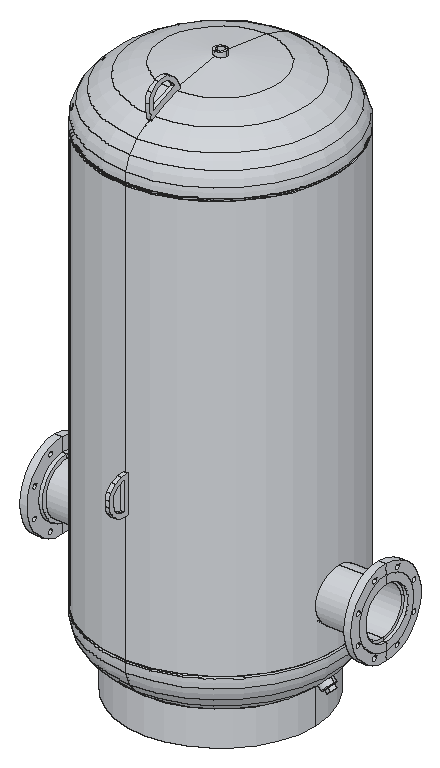
Revit family "CBT-200-6", category Generic Models, Revit 2014
Parameters (values of type "CBT-200-6")
  URL = "http://westank.com/"
  Tank Volume = 200.00 gal
  Part Number = 55300200
  Model = "CBT-200-6"
  Maximum Shipping Weight = 555 lbf
  Flange Connector Diameter = 6"
  Description = "Wessels ASME Chilled Water Buffer Tanks (CBT) are designed for chilled water systems with insufficient water volume capacity in relation to the chiller capacity"
  D = 16"
  C = 24"
  B = 72"
  A = 30"
Reference planes (in)
  plane 1 "Center (Front/Back)": y = 0
  plane 2: z = 0
  plane 3 "Center (Left/Right)": x = 0
  plane 4: through (12.55282, -180, 5.24135) normal (0.8192, 0, -0.5736)
  plane 5: x = -15
  plane 6: x = 15
  plane 7: z = 0
  plane 8: z = 72
  plane 9: y = 15
  plane 10: y = -15
  plane 11: x = -12
  plane 12: x = 12
  plane 13: z = 16
Forms (in)
  Revolve 1, solid
    sketch origin (0, -0.02461, 0) x (0, 1, 0) y (0, 0, 1)
      loop
        line (-14.97539, 9.87397) -> (-14.812, 9.87397)
        arc (-14.812, 9.87397) -> (-14.83596, 9.78454) -> (-14.90143, 9.71907) r 0.17887
        arc (-14.90143, 9.71907) -> (-14.94991, 9.64836) -> (-14.97579, 9.56662) r 0.29232
        arc (-14.97579, 9.56662) -> (-14.96586, 8.98455) -> (-14.89468, 8.40676) r 5.51955
        arc (-14.89468, 8.40676) -> (-14.65184, 7.56116) -> (-14.23912, 6.78419) r 4.22443
        arc (-14.23912, 6.78419) -> (-13.71208, 6.0842) -> (-13.11424, 5.44361) r 8.30764
        arc (-13.11424, 5.44361) -> (-11.99363, 4.5369) -> (-10.73315, 3.83755) r 8.30764
        arc (-10.73315, 3.83755) -> (-9.02248, 3.06195) -> (-7.23223, 2.49367) r 15.88746
        arc (-7.23223, 2.49367) -> (-3.63165, 1.79117) -> (0.02461, 1.49214) r 33.04234
        line (0.02461, 1.49214) -> (0.02461, 1.66407)
        arc (0.02461, 1.66407) -> (-3.61037, 1.96174) -> (-7.19, 2.66027) r 32.87047
        arc (-7.19, 2.66027) -> (-8.96351, 3.22342) -> (-10.65802, 3.99223) r 15.71558
        arc (-10.65802, 3.99223) -> (-11.8952, 4.67783) -> (-12.99495, 5.56734) r 8.13577
        arc (-12.99495, 5.56734) -> (-13.58042, 6.19468) -> (-14.09655, 6.88019) r 8.13577
        arc (-14.09655, 6.88019) -> (-14.49248, 7.62554) -> (-14.72544, 8.43674) r 4.05256
        arc (-14.72544, 8.43674) -> (-14.79395, 8.9901) -> (-14.80447, 9.54759) r 5.34767
        arc (-14.80447, 9.54759) -> (-14.7971, 9.56945) -> (-14.78569, 9.5895) r 0.12044
        arc (-14.78569, 9.5895) -> (-14.67439, 9.72277) -> (-14.64064, 9.89308) r 0.35074
        line (-14.64064, 9.89308) -> (-14.84715, 9.89308) -> (-14.84715, 63.61189) -> (-14.64151, 63.61189)
        arc (-14.64151, 63.61189) -> (-14.67184, 63.78882) -> (-14.78573, 63.92758) r 0.35074
        arc (-14.78573, 63.92758) -> (-14.79712, 63.94763) -> (-14.80449, 63.96948) r 0.12045
        arc (-14.80449, 63.96948) -> (-14.79397, 64.52697) -> (-14.72546, 65.08033) r 5.34768
        arc (-14.72546, 65.08033) -> (-14.4925, 65.89153) -> (-14.09657, 66.63689) r 4.05257
        arc (-14.09657, 66.63689) -> (-13.58043, 67.3224) -> (-12.99497, 67.94973) r 8.13578
        arc (-12.99497, 67.94973) -> (-11.89524, 68.83924) -> (-10.65807, 69.52483) r 8.13578
        arc (-10.65807, 69.52483) -> (-8.96355, 70.29364) -> (-7.19005, 70.85678) r 15.71558
        arc (-7.19005, 70.85678) -> (-3.61055, 71.55529) -> (0.02429, 71.85297) r 32.87045
        line (0.02429, 71.85297) -> (0.02429, 72.02671)
        arc (0.02429, 72.02671) -> (-3.63245, 71.72766) -> (-7.2335, 71.02507) r 33.04334
        arc (-7.2335, 71.02507) -> (-9.02402, 70.45667) -> (-10.73493, 69.68092) r 15.88853
        arc (-10.73493, 69.68092) -> (-11.99625, 68.98117) -> (-13.11754, 68.07383) r 8.30893
        arc (-13.11754, 68.07383) -> (-13.7162, 67.43239) -> (-14.24389, 66.7314) r 8.30923
        arc (-14.24389, 66.7314) -> (-14.65697, 65.95395) -> (-14.90005, 65.1078) r 4.22701
        arc (-14.90005, 65.1078) -> (-14.97148, 64.52727) -> (-14.98111, 63.94244) r 5.52257
        arc (-14.98111, 63.94244) -> (-14.95423, 63.85606) -> (-14.90267, 63.78173) r 0.29803
        arc (-14.90267, 63.78173) -> (-14.837, 63.7147) -> (-14.81302, 63.62397) r 0.18362
        line (-14.81302, 63.62397) -> (-14.97539, 63.62397) -> (-14.97539, 9.87397)
      axis (0.02461, 1.49214) -> (0.02461, 72.02671)
    angle from 0 to 360
  Revolve 2, solid
    sketch origin (0, 0, 0.49995) x (-1, 0, 0) y (0, 0, 1)
      loop
        line (19.43862, 12.18836) -> (19.43862, 11.72059) -> (20.00112, 11.72059) -> (20.00112, 9.99968) -> (20.93847, 9.99968) -> (20.93847, 11.24968) -> (21.00097, 11.24968) -> (21.00097, 12.18836) -> (19.43862, 12.18836)
      axis (21.00097, 15.50005) -> (19.43862, 15.50005)
    angle from 0 to 360
  Revolve 3, solid
    sketch origin (-1.82085, 0, 2.88409) x (0.981353, 0, -0.192215) y (0.192215, 0, 0.981353)
      loop
        line (14.71753, 6.11956) -> (14.66586, 6.1556) -> (14.25436, 5.56561) -> (14.86992, 5.13627) -> (15.24588, 5.6753) -> (15.19462, 5.71106) -> (15.31904, 5.88945) -> (14.80641, 6.24699) -> (14.71753, 6.11956)
      axis (14.25436, 5.56561) -> (14.86992, 5.13627)
    angle from 0 to 360
  Extrusion 4, solid
    sketch origin (13.38203, -180, 6.13049) x (0.718765, 0, 0.695254) y (0, -1, 0)
      loop
        line (-0.16036, -179.52645) -> (-0.95521, -179.68698) -> (-0.79485, -180.48095) -> (0, -180.32042) -> (-0.16036, -179.52645)
    from 1.02698 to 1.52678
  Extrusion 5, solid
    sketch origin (0, -2.93535, 4.97257) x (0, 1, 0) y (0, 0, 1)
      loop
        line (-11.93439, 21.33067) -> (-11.93439, 26.202)
        arc (-11.93439, 26.202) -> (-12.47846, 26.15164) -> (-13.01533, 26.05008) r 5.77422
        arc (-13.01533, 26.05008) -> (-13.49297, 25.89754) -> (-13.94252, 25.67548) r 3.35288
        arc (-13.94252, 25.67548) -> (-14.34081, 25.36666) -> (-14.64962, 24.96837) r 2.0073
        arc (-14.64962, 24.96837) -> (-14.80343, 24.58932) -> (-14.88788, 24.18906) r 2.30742
        arc (-14.88788, 24.18906) -> (-14.91277, 23.77188) -> (-14.88788, 23.3547) r 3.50846
        arc (-14.88788, 23.3547) -> (-14.79412, 22.92876) -> (-14.61961, 22.52904) r 2.24053
        arc (-14.61961, 22.52904) -> (-14.27401, 22.08806) -> (-13.80999, 21.77406) r 1.8078
        arc (-13.80999, 21.77406) -> (-13.34321, 21.55591) -> (-12.84107, 21.44044) r 2.44481
        arc (-12.84107, 21.44044) -> (-12.39043, 21.36326) -> (-11.93439, 21.33067) r 4.65484
      loop
        arc (-12.44611, 25.63929) -> (-12.67227, 25.60073) -> (-12.89654, 25.55235) r 5.2625
        arc (-12.89654, 25.55235) -> (-13.30128, 25.42308) -> (-13.68221, 25.23491) r 2.84116
        arc (-13.68221, 25.23491) -> (-13.97364, 25.01013) -> (-14.20134, 24.72098) r 1.49558
        arc (-14.20134, 24.72098) -> (-14.3163, 24.43235) -> (-14.37979, 24.12821) r 1.7957
        arc (-14.37979, 24.12821) -> (-14.40106, 23.77188) -> (-14.37979, 23.41555) r 2.99674
        arc (-14.37979, 23.41555) -> (-14.30745, 23.08689) -> (-14.17279, 22.77846) r 1.72881
        arc (-14.17279, 22.77846) -> (-13.91552, 22.45353) -> (-13.56884, 22.22643) r 1.29608
        arc (-13.56884, 22.22643) -> (-13.1779, 22.0402) -> (-12.75531, 21.94566) r 1.9331
        arc (-12.75531, 21.94566) -> (-12.60126, 21.91347) -> (-12.44611, 21.88716) r 4.14312
        line (-12.44611, 21.88716) -> (-12.44611, 25.63929)
    from -0.24366 to 0.25634
  Extrusion 6, solid
    sketch origin (0, -26.96034, 51.14612) x (0, 0.366501, -0.930418) y (0, 0.930418, 0.366501)
      loop
        arc (-11.9298, 25.67102) -> (-12.15596, 25.63246) -> (-12.38023, 25.58408) r 5.2625
        arc (-12.38023, 25.58408) -> (-12.78497, 25.45482) -> (-13.16591, 25.26664) r 2.84116
        arc (-13.16591, 25.26664) -> (-13.45733, 25.04186) -> (-13.68503, 24.75271) r 1.49558
        arc (-13.68503, 24.75271) -> (-13.8, 24.46408) -> (-13.86349, 24.15994) r 1.7957
        arc (-13.86349, 24.15994) -> (-13.88475, 23.80361) -> (-13.86349, 23.44728) r 2.99674
        arc (-13.86349, 23.44728) -> (-13.79114, 23.11862) -> (-13.65649, 22.81019) r 1.72881
        arc (-13.65649, 22.81019) -> (-13.39922, 22.48527) -> (-13.05253, 22.25816) r 1.29608
        arc (-13.05253, 22.25816) -> (-12.66159, 22.07193) -> (-12.239, 21.97739) r 1.9331
        arc (-12.239, 21.97739) -> (-12.08496, 21.94521) -> (-11.9298, 21.91889) r 4.14312
        line (-11.9298, 21.91889) -> (-11.9298, 25.67102)
      loop
        line (-10.9298, 21.34797) -> (-10.9298, 26.14148)
        arc (-10.9298, 26.14148) -> (-11.99706, 26.18465) -> (-13.02719, 25.90227) r 3.48194
        arc (-13.02719, 25.90227) -> (-13.54727, 25.6041) -> (-13.99851, 25.20943) r 3.03185
        arc (-13.99851, 25.20943) -> (-14.28248, 24.55653) -> (-14.39992, 23.8543) r 2.91879
        arc (-14.39992, 23.8543) -> (-14.3348, 23.1787) -> (-14.08611, 22.54717) r 2.44012
        arc (-14.08611, 22.54717) -> (-13.716, 22.08641) -> (-13.21844, 21.76749) r 1.83162
        arc (-13.21844, 21.76749) -> (-12.09799, 21.42749) -> (-10.9298, 21.34797) r 5.1769
    from -0.24366 to 0.25634
  Extrusion 7, solid
    sketch origin (0, 0, 0) x (1, 0, 0) y (0, 1, 0)
      loop
        circle (0, 0) r 0.75
      loop
        circle (0, 0) r 0.5
    from 71.36613 to 72.49354
  Extrusion 8, void
    sketch origin (0, 0.13917, 0.91745) x (0, 1, 0) y (0, 0, -1)
      loop
        circle (1.66412, -19.48391) r 0.37532
      loop
        circle (4.27859, -13.26482) r 0.37532
      loop
        circle (4.25653, -16.91439) r 0.37532
      loop
        circle (1.65464, -10.68294) r 0.37532
      loop
        circle (-1.97098, -19.46052) r 0.37532
      loop
        circle (-4.55693, -13.26482) r 0.37532
      loop
        circle (-4.5189, -16.89728) r 0.37532
      loop
        circle (-2.0117, -10.69606) r 0.37532
    from 19.2057 to 22.25
  Extrusion 9, void
    sketch origin (0, 0, 0) x (1, 0, 0) y (0, 1, 0)
      loop
        circle (0, 0) r 0.5
    from 70.90268 to 73.75579
  Revolve 10, solid
    sketch origin (0, 0, 0) x (1, 0, 0) y (0, 0, 1)
      loop
        line (11.87609, 4.44941) -> (11.87609, 0) -> (12, 0) -> (12, 4.44941) -> (11.87609, 4.44941)
      axis (0, 4.44941) -> (0, 0)
    angle from 0 to 360
  Revolve 11, solid
    sketch origin (0, 0, 0.49995) x (1, 0, 0) y (0, 0, 1)
      loop
        line (-14.0014, 12.18717) -> (-14.0014, 12.46647) -> (-20.50112, 12.46647) -> (-20.50112, 12.18717) -> (-14.0014, 12.18717)
      axis (-20.50112, 15.50005) -> (-14.0014, 15.50005)
    angle from 0 to 360
  Extrusion 12, void
    sketch origin (0, 0, 0.25) x (0, 1, 0) y (0, 0, 1)
      loop
        circle (0, 15.75) r 3.3117
    from -18.86806 to 18.76515
  Revolve 13, solid
    sketch origin (0, 0, 0.49995) x (1, 0, 0) y (0, 0, 1)
      loop
        line (19.43862, 12.18836) -> (19.43862, 11.72059) -> (20.00112, 11.72059) -> (20.00112, 9.99968) -> (20.93847, 9.99968) -> (20.93847, 11.24968) -> (21.00097, 11.24968) -> (21.00097, 12.18836) -> (19.43862, 12.18836)
      axis (21.00097, 15.50005) -> (19.43862, 15.50005)
    angle from 0 to 360
  Extrusion 14, void
    sketch origin (0, 0.13917, 0.91745) x (0, 1, 0) y (0, 0, 1)
      loop
        circle (1.66412, 19.48391) r 0.37532
      loop
        circle (4.27859, 13.26482) r 0.37532
      loop
        circle (4.25653, 16.91439) r 0.37532
      loop
        circle (1.65464, 10.68294) r 0.37532
      loop
        circle (-1.97098, 19.46052) r 0.37532
      loop
        circle (-4.55693, 13.26482) r 0.37532
      loop
        circle (-4.5189, 16.89728) r 0.37532
      loop
        circle (-2.0117, 10.69606) r 0.37532
    from 19.2057 to 22.25
  Revolve 15, solid
    sketch origin (0, 0, 0.49995) x (-1, 0, 0) y (0, 0, 1)
      loop
        line (-14.0014, 12.18717) -> (-14.0014, 12.46647) -> (-20.50112, 12.46647) -> (-20.50112, 12.18717) -> (-14.0014, 12.18717)
      axis (-20.50112, 15.50005) -> (-14.0014, 15.50005)
    angle from 0 to 360
Cuts and joins
  joined: Extrusion 4, Extrusion 5, Extrusion 6, Extrusion 7, Revolve 10
  Extrusion 9, Extrusion 12 cuts Revolve 1
  Extrusion 8, Extrusion 14 cuts Revolve 2
  Extrusion 14 cuts Revolve 13
Dimensions and locks (in)
  equal spacing: plane 6, plane 3 "Center (Left/Right)", plane 5
  "A": plane 6 to plane 5
  "B": plane 8 to level
  equal spacing: plane 9, plane 1 "Center (Front/Back)", plane 10
  "A": plane 9 to plane 10
  equal spacing: plane 12, plane 3 "Center (Left/Right)", plane 11
  "C": plane 12 to plane 11
  "D": plane 13 to level
  aligned and locked: plane 2 to level
  aligned and locked: Revolve 10 sketch curve to plane 3 "Center (Left/Right)"
Automatic sketch dimensions
  Revolve 1 sketch curve to Revolve 1 sketch curve = 0"  (x33)
  Revolve 1 sketch curve to plane 10 = 0"
  Revolve 1 sketch curve to plane 1 "Center (Front/Back)" = 0"  (x2)
  Revolve 1 sketch curve to Revolve 1 sketch curve = 0.01547"
  plane 10 to Revolve 1 sketch curve = 0.01547"
  Revolve 1 sketch curve to Revolve 1 sketch curve = 0.00578"
  Revolve 1 sketch curve to plane 10 = 0.12824"
  Revolve 1 sketch curve to Revolve 1 sketch curve = 0.03413"
  Revolve 1 sketch curve to Revolve 1 sketch curve = 9/256"
  Revolve 1 sketch curve to plane 10 = 0.28821"
  Revolve 1 sketch curve to plane 10 = 0.28822"
  Revolve 1 sketch curve to Revolve 1 sketch curve = 0.00078"
  Revolve 1 sketch curve to Revolve 1 sketch curve = 0.17151"
  Revolve 1 sketch curve to Revolve 1 sketch curve = 0.17135"
  Revolve 1 sketch curve to Revolve 1 sketch curve = 3.94929"
  Revolve 1 sketch curve to Revolve 1 sketch curve = 0.00287"
  Revolve 1 sketch curve to Revolve 1 sketch curve = 3.95216"
  Revolve 1 sketch curve to Revolve 1 sketch curve = 1.2728"
  Revolve 1 sketch curve to Revolve 1 sketch curve = 0.00246"
  Revolve 1 sketch curve to Revolve 1 sketch curve = 1.27526"
  Revolve 1 sketch curve to Revolve 1 sketch curve = 2.11145"
  Revolve 1 sketch curve to Revolve 1 sketch curve = 0.00084"
  Revolve 1 sketch curve to Revolve 1 sketch curve = 0.00187"
  Revolve 1 sketch curve to Revolve 1 sketch curve = 2.11171"
  plane 1 "Center (Front/Back)" to Revolve 1 sketch curve = 3.35442"
  Revolve 1 sketch curve to Revolve 1 sketch curve = 0.00082"
  plane 13 to Revolve 1 sketch curve = 1.89417"
  plane 1 "Center (Front/Back)" to Revolve 1 sketch curve = 3.35353"
  plane 1 "Center (Front/Back)" to Revolve 1 sketch curve = 0.00031"
  Revolve 1 sketch curve to plane 1 "Center (Front/Back)" = 0.86039"
  Revolve 1 sketch curve to Revolve 1 sketch curve = 0.00067"
  Revolve 1 sketch curve to plane 1 "Center (Front/Back)" = 0.86116"
  Revolve 1 sketch curve to plane 13 = 4.57575"
  Revolve 1 sketch curve to plane 13 = 6.10692"
  Revolve 1 sketch curve to Revolve 1 sketch curve = 0.01911"  (x2)
  Revolve 1 sketch curve to Revolve 1 sketch curve = 0.35376"
  Revolve 1 sketch curve to Revolve 1 sketch curve = 2 7/128"
  Revolve 1 sketch curve to Revolve 1 sketch curve = 0.22592"
  level to Revolve 1 sketch curve = 1 85/128"
  Revolve 1 sketch curve to Revolve 1 sketch curve = 0.17193"
  Revolve 1 sketch curve to Revolve 1 sketch curve = 16.62909"
  Revolve 1 sketch curve to Revolve 1 sketch curve = 4.47055"
  Revolve 1 sketch curve to Revolve 1 sketch curve = 0.00077"
  Revolve 1 sketch curve to plane 8 = 16.37712"
  Revolve 1 sketch curve to Revolve 1 sketch curve = 0.00068"
  Revolve 1 sketch curve to Revolve 1 sketch curve = 6.46799"
  Revolve 1 sketch curve to Revolve 1 sketch curve = 0.00123"
  Revolve 1 sketch curve to Revolve 1 sketch curve = 0.00005"
  Revolve 1 sketch curve to Revolve 1 sketch curve = 1.52034"
  Revolve 1 sketch curve to Revolve 1 sketch curve = 0.01209"
  Revolve 1 sketch curve to Revolve 1 sketch curve = 0.3749"
  Revolve 1 sketch curve to Revolve 1 sketch curve = 0.01007"
  Revolve 1 sketch curve to Revolve 1 sketch curve = 2.05124"
  Revolve 1 sketch curve to Revolve 1 sketch curve = 0.00348"
  Revolve 1 sketch curve to Revolve 1 sketch curve = 0.2261"
  Revolve 1 sketch curve to Revolve 1 sketch curve = 0.0033"
  Revolve 1 sketch curve to plane 8 = 0.14703"
  plane 8 to Revolve 1 sketch curve = 0.02671"
  plane 10 to Revolve 1 sketch curve = 0.0004"
  plane 10 to Revolve 1 sketch curve = 0.00572"
  Revolve 1 sketch curve to plane 10 = 0.07272"
  Revolve 1 sketch curve to plane 10 = 0.07396"
  Revolve 1 sketch curve to Revolve 1 sketch curve = 0.11808"
  Revolve 1 sketch curve to Revolve 1 sketch curve = 0.11729"
  Revolve 1 sketch curve to Revolve 1 sketch curve = 0.01876"
  Revolve 1 sketch curve to Revolve 1 sketch curve = 0.01878"
  Revolve 1 sketch curve to Revolve 1 sketch curve = 0.14732"
  Revolve 1 sketch curve to Revolve 1 sketch curve = 0.97903"
  Revolve 1 sketch curve to Revolve 1 sketch curve = 0.98231"
  Revolve 1 sketch curve to Revolve 1 sketch curve = 0.12257"
  Revolve 1 sketch curve to Revolve 1 sketch curve = 0.1193"
  Revolve 1 sketch curve to plane 8 = 2.31908"
  Revolve 1 sketch curve to Revolve 1 sketch curve = 2.26179"
  Revolve 1 sketch curve to Revolve 1 sketch curve = 0.07686"
  Revolve 1 sketch curve to Revolve 1 sketch curve = 0.07513"
  Revolve 1 sketch curve to Revolve 1 sketch curve = 5.63017"
  Revolve 1 sketch curve to Revolve 1 sketch curve = 1.88017"
  Revolve 2 sketch curve to plane 13 = 0"
  plane 5 to Revolve 2 sketch curve = 4.43862"
  Revolve 2 sketch curve to Revolve 2 sketch curve = 9/16"
  Revolve 2 sketch curve to Revolve 2 sketch curve = 0.93735"
  Revolve 2 sketch curve to Revolve 2 sketch curve = 1/16"
  plane 13 to Revolve 2 sketch curve = 3.3117"
  Revolve 2 sketch curve to Revolve 2 sketch curve = 0.46777"
  Revolve 2 sketch curve to Revolve 2 sketch curve = 0.93868"
  Revolve 2 sketch curve to Revolve 2 sketch curve = 1 1/4"
  Revolve 2 sketch curve to plane 5 = 0.9986"
  Revolve 2 sketch curve to Revolve 2 sketch curve = 0.68278"
  plane 4 to Revolve 3 sketch curve = 0.35169"
  plane 12 to Revolve 3 sketch curve = 1.2375"
  Revolve 3 sketch curve to Revolve 3 sketch curve = 0.4115"
  Revolve 3 sketch curve to Revolve 3 sketch curve = 0.05167"
  Revolve 3 sketch curve to Revolve 3 sketch curve = 0.08888"
  Revolve 3 sketch curve to Revolve 3 sketch curve = 0.61556"
  Revolve 3 sketch curve to Revolve 3 sketch curve = 0.47709"
  Revolve 3 sketch curve to Revolve 3 sketch curve = 0.05126"
  Revolve 3 sketch curve to Revolve 3 sketch curve = 0.42934"
  Revolve 3 sketch curve to Revolve 3 sketch curve = 0.12768"
  Revolve 3 sketch curve to Revolve 3 sketch curve = 0"  (x2)
  Revolve 3 sketch curve to Revolve 3 sketch curve = 0.08905"
  plane 1 "Center (Front/Back)" to Extrusion 4 sketch curve = 0.31302"
  Extrusion 4 sketch curve to plane 1 "Center (Front/Back)" = 0.48095"
  Extrusion 4 sketch curve to Extrusion 4 sketch curve = 0.16036"  (x2)
  plane 1 "Center (Front/Back)" to Extrusion 4 sketch curve = 0.47355"
  Extrusion 4 sketch curve to Extrusion 4 sketch curve = 0.79485"
  Extrusion 4 sketch curve to plane 1 "Center (Front/Back)" = 0.32042"
  Extrusion 5 sketch curve to Extrusion 5 sketch curve = 0"  (x24)
  plane 10 to Extrusion 5 sketch curve = 0.97644"
  Extrusion 5 sketch curve to Extrusion 5 sketch curve = 0.11966"
  Extrusion 5 sketch curve to Extrusion 5 sketch curve = 0.25819"
  Extrusion 5 sketch curve to Extrusion 5 sketch curve = 17/256"
  Extrusion 5 sketch curve to Extrusion 5 sketch curve = 0.04958"
  plane 10 to Extrusion 5 sketch curve = 0.38146"
  plane 10 to Extrusion 5 sketch curve = 0.17231"
  Extrusion 5 sketch curve to plane 10 = 0.13026"
  Extrusion 5 sketch curve to plane 10 = 0.23364"
  Extrusion 5 sketch curve to plane 10 = 0.38981"
  Extrusion 5 sketch curve to plane 10 = 0.66033"
  plane 13 to Extrusion 5 sketch curve = 9.40619"
  Extrusion 5 sketch curve to Extrusion 5 sketch curve = 0.89706"
  Extrusion 5 sketch curve to Extrusion 5 sketch curve = 0.55648"
  Extrusion 5 sketch curve to Extrusion 5 sketch curve = 0.90165"
  Extrusion 5 sketch curve to Extrusion 5 sketch curve = 0.62139"
  Extrusion 5 sketch curve to Extrusion 5 sketch curve = 27/128"
  Extrusion 5 sketch curve to Extrusion 5 sketch curve = 0.15076"
  Extrusion 5 sketch curve to Extrusion 5 sketch curve = 0.24641"
  Extrusion 5 sketch curve to Extrusion 5 sketch curve = 0.04716"
  Extrusion 5 sketch curve to Extrusion 5 sketch curve = 0.0326"
  Extrusion 5 sketch curve to Extrusion 5 sketch curve = 1.7246"
  Extrusion 5 sketch curve to Extrusion 5 sketch curve = 0.34507"
  Extrusion 5 sketch curve to Extrusion 5 sketch curve = 0.21764"
  Extrusion 5 sketch curve to Extrusion 5 sketch curve = 1.12273"
  Extrusion 5 sketch curve to Extrusion 5 sketch curve = 0.78568"
  Extrusion 5 sketch curve to Extrusion 5 sketch curve = 0.24115"
  Extrusion 5 sketch curve to Extrusion 5 sketch curve = 0.2603"
  Extrusion 5 sketch curve to Extrusion 5 sketch curve = 0.60395"
  Extrusion 5 sketch curve to Extrusion 5 sketch curve = 0.51913"
  Extrusion 5 sketch curve to Extrusion 5 sketch curve = 0.44682"
  Extrusion 5 sketch curve to Extrusion 5 sketch curve = 0.44829"
  Extrusion 7 sketch curve to Extrusion 7 sketch curve = 0"  (x2)
  plane 1 "Center (Front/Back)" to Extrusion 7 sketch curve = 0"
  Extrusion 7 sketch curve to plane 3 "Center (Left/Right)" = 0"
  Extrusion 8 sketch curve to plane 13 = 1.81773"  (x2)
  plane 1 "Center (Front/Back)" to Extrusion 8 sketch curve = 4.41776"
  plane 13 to Extrusion 8 sketch curve = 1.81473"
  Extrusion 8 sketch curve to Extrusion 8 sketch curve = 0.03802"
  plane 1 "Center (Front/Back)" to Extrusion 8 sketch curve = 1.87253"
  plane 1 "Center (Front/Back)" to Extrusion 8 sketch curve = 1.83181"
  Extrusion 8 sketch curve to plane 1 "Center (Front/Back)" = 1.79381"
  Extrusion 8 sketch curve to plane 1 "Center (Front/Back)" = 1.80329"
  Extrusion 8 sketch curve to Extrusion 8 sketch curve = 2.59242"
  Extrusion 8 sketch curve to Extrusion 8 sketch curve = 0.02205"
  plane 13 to Extrusion 8 sketch curve = 1.83184"
  Extrusion 8 sketch curve to Extrusion 8 sketch curve = 2.56325"
  Extrusion 8 sketch curve to Extrusion 8 sketch curve = 0.02339"
  Extrusion 8 sketch curve to Extrusion 8 sketch curve = 2.56876"
  Extrusion 8 sketch curve to Extrusion 8 sketch curve = 0.01312"
  Extrusion 9 sketch curve to Extrusion 9 sketch curve = 0"  (x2)
  plane 1 "Center (Front/Back)" to Extrusion 9 sketch curve = 0"
  Extrusion 9 sketch curve to plane 3 "Center (Left/Right)" = 0"
  Extrusion 9 sketch curve to plane 3 "Center (Left/Right)" = 1/2"
  Revolve 10 sketch curve to level = 0"
  Revolve 10 sketch curve to plane 12 = 0"
  Revolve 10 sketch curve to plane 12 = 0.12391"
  level to Revolve 10 sketch curve = 4.44941"
  level to Revolve 10 sketch curve = 4.69941"
  Revolve 10 sketch curve to Revolve 10 sketch curve = 1"
  Revolve 11 sketch curve to plane 13 = 0"
  Revolve 11 sketch curve to plane 5 = 5.50112"
  plane 5 to Revolve 11 sketch curve = 0.9986"
  Revolve 11 sketch curve to plane 13 = 3.03358"
  Revolve 11 sketch curve to Revolve 11 sketch curve = 0.2793"
  plane 5 to Revolve 11 sketch curve = 1.13985"
  Revolve 11 sketch curve to Revolve 11 sketch curve = 0.36015"
  Revolve 13 sketch curve to plane 13 = 0"
  plane 6 to Revolve 13 sketch curve = 4.43862"
  Revolve 13 sketch curve to Revolve 13 sketch curve = 9/16"
  Revolve 13 sketch curve to Revolve 13 sketch curve = 0.93735"
  Revolve 13 sketch curve to Revolve 13 sketch curve = 1/16"
  Revolve 13 sketch curve to plane 13 = 3.3117"
  Revolve 13 sketch curve to Revolve 13 sketch curve = 0.46777"
  Revolve 13 sketch curve to Revolve 13 sketch curve = 0.93868"
  Revolve 13 sketch curve to Revolve 13 sketch curve = 1 1/4"
  Revolve 13 sketch curve to plane 6 = 0.9986"
  Revolve 13 sketch curve to Revolve 13 sketch curve = 0.68278"
  Extrusion 14 sketch curve to plane 13 = 1.81773"  (x2)
  plane 1 "Center (Front/Back)" to Extrusion 14 sketch curve = 4.41776"
  plane 13 to Extrusion 14 sketch curve = 1.81473"
  Extrusion 14 sketch curve to Extrusion 14 sketch curve = 0.03802"
  plane 1 "Center (Front/Back)" to Extrusion 14 sketch curve = 1.87253"
  plane 1 "Center (Front/Back)" to Extrusion 14 sketch curve = 1.83181"
  Extrusion 14 sketch curve to plane 1 "Center (Front/Back)" = 1.79381"
  Extrusion 14 sketch curve to plane 1 "Center (Front/Back)" = 1.80329"
  Extrusion 14 sketch curve to Extrusion 14 sketch curve = 2.59242"
  Extrusion 14 sketch curve to Extrusion 14 sketch curve = 0.02205"
  Extrusion 14 sketch curve to Extrusion 14 sketch curve = 2.56876"
  Extrusion 14 sketch curve to Extrusion 14 sketch curve = 0.01312"
  plane 13 to Extrusion 14 sketch curve = 1.83184"
  Extrusion 14 sketch curve to Extrusion 14 sketch curve = 2.56325"
  Extrusion 14 sketch curve to Extrusion 14 sketch curve = 0.02339"
  Revolve 15 sketch curve to plane 13 = 0"
  Revolve 15 sketch curve to plane 6 = 5.50112"
  plane 6 to Revolve 15 sketch curve = 0.9986"
  plane 13 to Revolve 15 sketch curve = 3.03358"
  Revolve 15 sketch curve to Revolve 15 sketch curve = 0.2793"
  plane 6 to Revolve 15 sketch curve = 1.13985"
  Revolve 15 sketch curve to Revolve 15 sketch curve = 0.36015"
  Extrusion 12 sketch curve to Extrusion 12 sketch curve = 0"  (x2)
  Extrusion 12 sketch curve to plane 1 "Center (Front/Back)" = 0"
  Extrusion 12 sketch curve to plane 13 = 0"
  Extrusion 12 sketch curve to Extrusion 12 sketch curve = 3.3117"
  Extrusion 6 sketch curve to plane 8 = 0.60911"
  Extrusion 6 sketch curve to plane 10 = 5.26009"
  Extrusion 6 sketch curve to Extrusion 6 sketch curve = 0.03301"
  Extrusion 6 sketch curve to Extrusion 6 sketch curve = 0.08665"
  Extrusion 6 sketch curve to Extrusion 6 sketch curve = 0.34483"
  Extrusion 6 sketch curve to Extrusion 6 sketch curve = 17/256"
  Extrusion 6 sketch curve to Extrusion 6 sketch curve = 0.04958"
  Extrusion 6 sketch curve to Extrusion 6 sketch curve = 0.06885"
  Extrusion 6 sketch curve to Extrusion 6 sketch curve = 0.15073"
  Extrusion 6 sketch curve to Extrusion 6 sketch curve = 0.36028"
  Extrusion 6 sketch curve to Extrusion 6 sketch curve = 0.06601"
  Extrusion 6 sketch curve to Extrusion 6 sketch curve = 0.11815"
  Extrusion 6 sketch curve to Extrusion 6 sketch curve = 0.47821"
  Extrusion 6 sketch curve to Extrusion 6 sketch curve = 0.6151"
  Extrusion 6 sketch curve to Extrusion 6 sketch curve = 0.15011"
  Extrusion 6 sketch curve to Extrusion 6 sketch curve = 0.77126"
  Extrusion 6 sketch curve to Extrusion 6 sketch curve = 0.3849"
  Extrusion 6 sketch curve to Extrusion 6 sketch curve = 0.59588"
  Extrusion 6 sketch curve to Extrusion 6 sketch curve = 0.3061"
  Extrusion 6 sketch curve to Extrusion 6 sketch curve = 0.31529"
  Extrusion 6 sketch curve to Extrusion 6 sketch curve = 0.0954"
  Extrusion 6 sketch curve to Extrusion 6 sketch curve = 0.80625"
  Extrusion 6 sketch curve to Extrusion 6 sketch curve = 0.57092"
  Extrusion 6 sketch curve to Extrusion 6 sketch curve = 0.88262"
  Extrusion 6 sketch curve to Extrusion 6 sketch curve = 0.00686"
  Extrusion 6 sketch curve to Extrusion 6 sketch curve = 0.20406"
  Extrusion 6 sketch curve to Extrusion 6 sketch curve = 0.59172"
  Extrusion 6 sketch curve to Extrusion 6 sketch curve = 0.09548"
  Extrusion 6 sketch curve to Extrusion 6 sketch curve = 0.07607"
  Extrusion 6 sketch curve to Extrusion 6 sketch curve = 0.15093"
  Extrusion 6 sketch curve to Extrusion 6 sketch curve = 0.04716"
  Extrusion 6 sketch curve to Extrusion 6 sketch curve = 0.0326"
  Extrusion 6 sketch curve to Extrusion 6 sketch curve = 1.7246"
  Extrusion 6 sketch curve to Extrusion 6 sketch curve = 0.34507"
  Extrusion 6 sketch curve to Extrusion 6 sketch curve = 0.12538"
  Extrusion 6 sketch curve to Extrusion 6 sketch curve = 0.37807"
  Extrusion 6 sketch curve to Extrusion 6 sketch curve = 0"  (x6)
  Extrusion 6 sketch curve to Extrusion 6 sketch curve = 0.1659"
  Extrusion 6 sketch curve to Extrusion 6 sketch curve = 0.13872"
  Extrusion 6 sketch curve to Extrusion 6 sketch curve = 0.42962"
  Extrusion 6 sketch curve to Extrusion 6 sketch curve = 0.51913"
  Extrusion 6 sketch curve to Extrusion 6 sketch curve = 0.31348"
  radius of Extrusion 7 sketch curve = 3/4"
  radius of Extrusion 7 sketch curve = 1/2"
  radius of Extrusion 8 sketch curve = 0.37532"  (x8)
  radius of Extrusion 14 sketch curve = 0.37532"  (x8)
Connectors (in)
  piping at (-21.00097, 0, 16), diameter 6, driven by "Flange Connector Diameter"
    settings: on Revolve 2, index 4, connector inside diameter 24", connector length 0", flow factor 0, pipe flow 0 GPM, pressure drop 0.00 psi, fitting loss kfactor 0, connector angle 0.00°, fixture units 0, engagement length 0", angle of deflection 0.00°, flow configuration 0, flow direction 0, fitting loss method 0, system type 7, joint type 0, gender type 0, connector reference index -1, connector utility 0, adjustable connector no, is connector primary yes, connector description ""
  piping at (21.00097, 0, 16), diameter 6, driven by "Flange Connector Diameter"
    settings: on Revolve 13, index 5, connector inside diameter 24", connector length 0", flow factor 0, pipe flow 0 GPM, pressure drop 0.00 psi, fitting loss kfactor 0, connector angle 0.00°, fixture units 0, engagement length 0", angle of deflection 0.00°, flow configuration 0, flow direction 0, fitting loss method 0, system type 7, joint type 0, gender type 0, connector reference index -1, connector utility 0, adjustable connector no, is connector primary no, connector description ""
